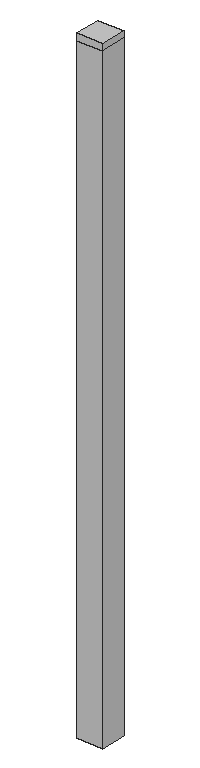
Revit family "Haworth_UniGroupToo_Post", category Furniture Systems, Revit 2018
Family settings
  Round Connector Dimension = Use Diameter
  Part Type = Normal
  OmniClass Number = 23.40.70.14.64.21
  OmniClass Title = Systems Furniture
  Work Plane-Based = No
  Always vertical = Yes
  Cut with Voids When Loaded = No
  Shared = No
  Room Calculation Point = No
Parameters (values of type "4-Way Intersection")
  Warranty = "http://www.haworth.com/resources/product-info/warranties"
  URL - Product = "http://www.haworth.com/products/workspaces/panel-based/unigroup-too"
  URL = "www.haworth.com"
  Trim Finish = Haworth _ Metal _ Brushed Aluminum
  Top Trim Width = 1/2"  # constant formula
  Top Trim Thin Profile = yes
  Sustainability Info = "http://www.haworth.com/company-info/sustainability"
  Square Post = not([120 Degree Post])  # yes
  Post Finish = Haworth _ Metal _ Brushed Aluminum
  Model = "Haworth - Compose - Panel Accessories - Post"  # constant formula
  Description = "Haworth - Compose - Panel Accessories - Post"  # constant formula
  Custom Size = not(or(Height = 34", Height = 42", Height = 50", Height = 58", Height = 66", Height = 74", Height = 82", Height = 90"))  # yes
  Actual Width = 2"  # constant formula
  Actual Height = if(Top Trim Thin Profile, if(Height < Min. Height, Min. Height, if(Height > Max. Height, Max. Height, Height)) - 1/8", if(Height < Min. Height, Min. Height, if(Height > Max. Height, Max. Height, Height)))  # 47 7/8"
  120 Degree Trim = [120 Degree Post]  # no
  Square Trim = Square Post  # yes
  Size = "Verify Final Dim. w/ Haworth"  # constant formula
  Revision Number = "4"  # constant formula
  Post Depth = 2"  # constant formula
  Min/Max Height = "29, 34, 42, 50, 58, 66, 74, 82, 90 in."  # constant formula
  Min. Width = 3"  # constant formula
  Max. Width = 3"  # constant formula
  Min. Height = 29"  # constant formula
  Max. Height = 90"  # constant formula
  Manufacturer = "Haworth"  # constant formula
  Height = 48"
  Author = "SHAPE Environments, LLC"  # constant formula
  Assembly Code = "E2020500"
  120 Degree Post = no
Types (5): name | Square Post | Custom Size | Actual Height | 120 Degree Trim | Square Trim | Height | 120 Degree Post
  2-Way Intersection | yes | no | 41 7/8" | no | yes | 42" | no
  3-Way Intersection | yes | no | 41 7/8" | no | yes | 42" | no
  4-Way Intersection | yes | yes | 47 7/8" | no | yes | 48" | no
  2-Way Intersection - 120 | no | no | 41 7/8" | yes | no | 42" | yes
  3-Way Intersection - 120 | no | no | 41 7/8" | yes | no | 42" | yes
Reference planes (in)
  plane 1 "Center F/B": y = 0
  plane 2: z = 0.5
  plane 3 "Center L/R": x = 1.5
  plane 4 "Back": y = 1
  plane 5 "Front": y = -1
  plane 6 "Right": x = 2.5
  plane 7 "Top": z = 47.875
  plane 8 "Post Top": z = 47.375
  plane 9: x = 0.5
Forms (in)
  Extrusion 1, solid, material "Haworth _ Metal _ Brushed Aluminum" <- "Trim Finish", visible <- "Square Trim"
    sketch origin (4.39832, -1, -5.21744) x (-1, 0, 0) y (0, 0, 1)
      loop
        line (3.89832, 53.09244) -> (1.89832, 53.09244) -> (1.89832, 52.59244) -> (3.89832, 52.59244) -> (3.89832, 53.09244)
    from 0 to 2
  Extrusion 2, solid, material "Haworth _ Metal _ Brushed Aluminum" <- "Post Finish", visible <- "Square Trim"
    sketch origin (4.39832, -1, -7.46744) x (-1, 0, 0) y (0, 0, 1)
      loop
        line (3.89832, 54.84244) -> (1.89832, 54.84244) -> (1.89832, 7.46744) -> (3.89832, 7.46744) -> (3.89832, 54.84244)
    from 0 to 2
Lines and regions (in)
  Masking region 1, visible <- "Square Trim"
    outline origin (0, 0, 0) x (1, 0, 0) y (0, 1, 0)
      loop
        line (0.5, 1) -> (0.5, -1) -> (2.5, -1) -> (2.5, 1) -> (0.5, 1)
Dimensions and locks (in)
  equal spacing: plane 4 "Back", plane 1 "Center F/B", plane 5 "Front"
  "Post Depth": plane 4 "Back" to plane 5 "Front"
  "Actual Height": plane 7 "Top" to level
  "Top Trim Width": plane 7 "Top" to plane 8 "Post Top"
  equal spacing: plane 9, plane 3 "Center L/R", plane 6 "Right"
  "Actual Width": plane 9 to plane 6 "Right"
  aligned and locked: plane 8 "Post Top" to Extrusion 1 sketch curve
  aligned and locked: plane 6 "Right" to Extrusion 1
  aligned and locked: plane 9 to Extrusion 1
  aligned and locked: Extrusion 1 sketch curve to plane 7 "Top"
  aligned and locked: Masking region 1 sketch curve to plane 6 "Right"
  aligned and locked: plane 5 "Front" to Masking region 1 sketch curve
  aligned and locked: Masking region 1 sketch curve to plane 9
  aligned and locked: Masking region 1 sketch curve to plane 4 "Back"
  aligned and locked: plane 8 "Post Top" to Extrusion 2
  aligned and locked: Extrusion 2 to level
  aligned and locked: plane 4 "Back" to Extrusion 1
  aligned and locked: plane 4 "Back" to Extrusion 2
  aligned and locked: Extrusion 1 to plane 5 "Front"
  aligned and locked: Extrusion 2 to plane 5 "Front"
  aligned and locked: plane 6 "Right" to Extrusion 2
  aligned and locked: plane 9 to Extrusion 2
Automatic sketch dimensions
  plane 6 "Right" to Extrusion 1 sketch curve = 0"
  plane 9 to Extrusion 1 sketch curve = 0"
  plane 6 "Right" to Extrusion 2 sketch curve = 0"
  plane 9 to Extrusion 2 sketch curve = 0"
  Extrusion 2 sketch curve to plane 8 "Post Top" = 47 3/8"
  Extrusion 2 sketch curve to Extrusion 2 sketch curve = 47 3/8"
